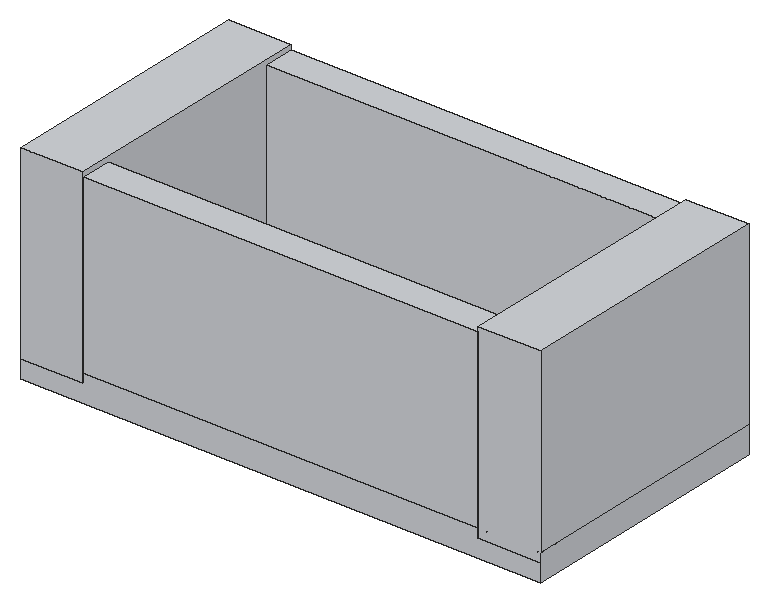
Revit family "GIS_CableTrench", category Modelos genéricos, Revit 2027
Family settings
  Pode hospedar o vergalhão = Não
  Cota do conector redondo = Utilizar diâmetro
  Tipo de parte = Normal
  Com base no plano de trabalho = Não
  Sempre na vertical = Sim
  Corte com vazios quando carregada = Não
  Manter orientação da anotação = Não
  Compartilhado = Não
  Ponto de cálculo do ambiente = Não
Parameters (values of type "CABLE_TRENCH_STUDY")
  Elevação padrão = 0 mm
  BIM_TensaoSecundaria_kV = 0
  BIM_TensaoNominal_kV = 0
  BIM_TensaoClasse_kV = 0
  BIM_TensaoClasseSecundaria_kV = 0
  BIM_Sistema_Elemento [instance] = ""
  BIM_ReferenciaCatalogo = "Portfolio estimate; cable count and civil design pending"
  BIM_Profundidade = 750 mm
  BIM_Potencia_MVA = 0
  BIM_Localizacao [instance] = ""
  BIM_Largura = 1500 mm
  BIM_Impedancia_pu = 0
  BIM_FonteGeometria = "Portfolio estimate; cable count and civil design pending"
  BIM_Fabricante = "NAO SELECIONADO"
  BIM_EstadoGeometria = "ESTIMATED"
  BIM_EstadoEspecificacao = "PREMISSA / NAO SELECIONADO"
  BIM_DescricaoEstudo = "Modulo de canaleta de cabos; ocupacao, segregacao e drenagem pendentes."
  BIM_CorrenteReferenciaSecundaria_A = 0
  BIM_CorrenteNominal_A = 0
  BIM_Bay [instance] = ""
  BIM_AlturaCorpoPrincipal = 78 mm
  BIM_Altura = 650 mm
Reference planes
  plane 1 "Centro (Frente/Trás)": y = 0
  plane 2: z = 0
  plane 3 "Centro (Esquerda/Direita)": x = 0
  plane 4 "BIM Left": x = -750
  plane 5 "BIM Right": x = 750
  plane 6 "BIM Front": y = -375
  plane 7 "BIM Back": y = 375
Forms (mm)
  Extrusion 1, solid
    sketch origin (0, 0, 0) x (1, 0, 0) y (0, 1, 0)
      loop
        line (-750, -375) -> (750, -375) -> (750, 375) -> (-750, 375) -> (-750, -375)
    from 0 to 78 <- "BIM_AlturaCorpoPrincipal"
  Extrusion 2, solid
    sketch origin (0, 0, 52) x (1, 0, 0) y (0, 1, 0)
      loop
        line (-750, -375) -> (-570, -375) -> (-570, 375) -> (-750, 375) -> (-750, -375)
    from 0 to 546
  Extrusion 3, solid
    sketch origin (0, 0, 52) x (1, 0, 0) y (0, 1, 0)
      loop
        line (570, -375) -> (750, -375) -> (750, 375) -> (570, 375) -> (570, -375)
    from 0 to 546
  Extrusion 4, solid
    sketch origin (0, 0, 52) x (1, 0, 0) y (0, 1, 0)
      loop
        line (-570, -375) -> (570, -375) -> (570, -285) -> (-570, -285) -> (-570, -375)
    from 0 to 533
  Extrusion 5, solid
    sketch origin (0, 0, 52) x (1, 0, 0) y (0, 1, 0)
      loop
        line (-570, 285) -> (570, 285) -> (570, 375) -> (-570, 375) -> (-570, 285)
    from 0 to 533
Dimensions and locks
  "BIM_Largura": plane 4 "BIM Left" to plane 5 "BIM Right"
  "BIM_Profundidade": plane 6 "BIM Front" to plane 7 "BIM Back"
  aligned and locked: level to plane 2
  aligned and locked: plane 4 "BIM Left" to Extrusion 1
  aligned and locked: Extrusion 1 to plane 5 "BIM Right"
  aligned and locked: Extrusion 1 to plane 6 "BIM Front"
  aligned and locked: plane 7 "BIM Back" to Extrusion 1
Automatic sketch dimensions
  Extrusion 1 sketch curve to plane 4 "BIM Left" = 0 mm
  Extrusion 1 sketch curve to plane 5 "BIM Right" = 0 mm
  Extrusion 1 sketch curve to plane 6 "BIM Front" = 0 mm
  Extrusion 1 sketch curve to plane 7 "BIM Back" = 0 mm
  Extrusion 2 sketch curve to plane 4 "BIM Left" = 0 mm
  Extrusion 2 sketch curve to plane 7 "BIM Back" = 0 mm
  Extrusion 2 sketch curve to plane 6 "BIM Front" = 0 mm
  Extrusion 2 sketch curve to plane 4 "BIM Left" = 180 mm
  Extrusion 3 sketch curve to plane 6 "BIM Front" = 0 mm
  Extrusion 3 sketch curve to plane 7 "BIM Back" = 0 mm
  Extrusion 3 sketch curve to plane 5 "BIM Right" = 0 mm
  plane 5 "BIM Right" to Extrusion 3 sketch curve = 180 mm
  Extrusion 4 sketch curve to plane 6 "BIM Front" = 0 mm
  Extrusion 4 sketch curve to plane 4 "BIM Left" = 180 mm
  plane 5 "BIM Right" to Extrusion 4 sketch curve = 180 mm
  plane 6 "BIM Front" to Extrusion 4 sketch curve = 90 mm
  Extrusion 5 sketch curve to plane 7 "BIM Back" = 0 mm
  Extrusion 5 sketch curve to plane 4 "BIM Left" = 180 mm
  plane 5 "BIM Right" to Extrusion 5 sketch curve = 180 mm
  Extrusion 5 sketch curve to plane 7 "BIM Back" = 90 mm
